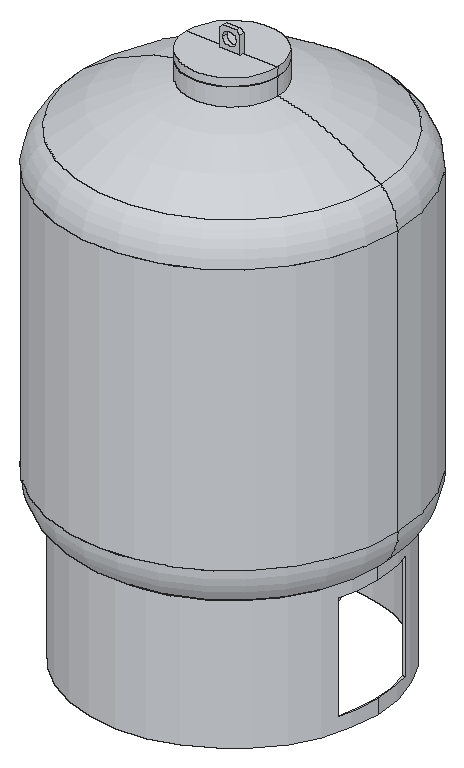
Revit family
Parameters (values of type "WX-456-C 125# W.P.")
  Weight = "1154 lbs"
  Tank Volume = "422 Gal"
  Tank Only = 63.125"
  Tank Height/Length = 78.875"
  Tank Diameter = "48"
  Pipe Connector Diameter = Pipe Connection Radius * 2  # 3.000"
  Pipe Connection Radius = 1.500"
  Model = "WX-456-C"
  Maximum Acceptance Volume = "274 Gal"
  Max Operating Temp = "240 Deg F"
  Max Operating Pressure = "125 PSI"
  Manufacturer = "Amtrol"
  Lifting Ring Location = Tank Only / 2  # 31.5625"
  Floor to Elbow Centerline = 7.125"
  Floor to Bottom of Tank = 12.500"
  Bladder/Diaphragm = "Bladder"
  ASME = yes
Types (9): name | Weight | Tank Volume | Tank Only | Tank Height/Length | Model | Maximum Acceptance Volume | Max Operating Pressure | Lifting Ring Location | Floor to Elbow Centerline
  (no name) | "1154 lbs" | "422 Gal" | 63.125" | 78.875" | "WX-456-C" | "274 Gal" | "125 PSI" | 31.5625" | 7.125"
  WX-456-C 150# W.P. 10 BAR | "1418 lbs" | "422 Gal" | 63.125" | 78.875" | "WX-456-C" | "274 Gal" | "150 PSI" | 31.5625" | 7.125"
  WX-457-C 150# W.P. 10 BAR | "1676 lbs" | "528 Gal" | 78.500" | 94.250" | "WX-457-C" | "343 Gal" | "150 PSI" | 39.250" | 7.125"
  WX-456-C 125# W.P. | "1154 lbs" | "422 Gal" | 63.125" | 78.875" | "WX-456-C" | "274 Gal" | "125 PSI" | 31.5625" | 7.125"
  WX-456-C 175# W.P. | "1655 lbs" | "422 Gal" | 63.125" | 78.875" | "WX-456-C" | "274 Gal" | "175 PSI" | 31.5625" | 7.125"
  WX-456-C 250# W.P. | "1660 lbs" | "422 Gal" | 64.625" | 78.875" | "WX-456-C" | "274 Gal" | "175 PSI" | 32.3125" | 6.875"
  WX-457-C 125# W.P. | "1331 lbs" | "528 Gal" | 78.500" | 94.250" | "WX-457-C" | "343 Gal" | "125 PSI" | 39.250" | 7.125"
  WX-457-C 175# W.P. | "2169 lbs" | "528 Gal" | 78.500" | 94.250" | "WX-457-C" | "343 Gal" | "175 PSI" | 39.250" | 7.125"
  WX-457-C 250# W.P. | "2231 lbs" | "528 Gal" | 78.500" | 92.750" | "WX-457-C" | "343 Gal" | "250 PSI" | 39.250" | 6.875"
Reference planes (in)
  plane 1 "Center (Front/Back)": y = 0
  plane 2: z = 0
  plane 3 "Center (Left/Right)": x = 0
Forms (in)
  Revolve 1, solid
    sketch origin (0, 0, 0) x (1, 0, 0) y (0, 0, 1)
      loop
        arc (21.44792, 65.05553) -> (11.32825, 70.37355) -> (0, 71.90974) r 32.91716
        line (0, 71.90974) -> (0, 8.78474)
        arc (0, 8.78474) -> (11.37188, 10.40671) -> (21.49399, 15.83746) r 32.917
        arc (21.49399, 15.83746) -> (23.3404, 18.13371) -> (23.99993, 21.00548) r 6.582
        line (23.99993, 21.00548) -> (23.99993, 60.04693)
        arc (23.99993, 60.04693) -> (23.28548, 62.83736) -> (21.44792, 65.05553) r 6.58224
      axis (0, 8.78474) -> (0, 71.90974)
    angle from 0 to 360
  Revolve 2, solid
    sketch origin (0, 0, 0) x (1, 0, 0) y (0, 0, 1)
      loop
        line (0, 75.15974) -> (0, 71.40764) -> (6.625, 71.40764) -> (6.625, 73.90974) -> (0.95512, 73.90974) -> (0.95512, 74.03474) -> (6.625, 74.03474) -> (6.625, 75.15974) -> (0, 75.15974)
      axis (0, 71.40764) -> (0, 75.15974)
    angle from 0 to 360
  Revolve 3, solid
    sketch origin (0, 0, 0) x (1, 0, 0) y (0, 0, 1)
      loop
        line (14.4359, 8.05952) -> (14.33884, 8.42174) -> (13.97054, 8.32305) -> (13.87349, 8.68528) -> (14.24179, 8.78396) -> (14.14473, 9.14618) -> (12.69584, 8.75796) -> (12.04879, 11.17277) -> (9.27176, 10.42867) -> (10.20997, 6.92718) -> (14.4359, 8.05952)
      axis (10.20997, 6.92718) -> (9.27176, 10.42867)
    angle from 0 to 360
  Revolve 4, solid
    sketch origin (0, 0, 0) x (1, 0, 0) y (0, 0, 1)
      loop
        line (11.87266, 5.82482) -> (11.87266, 8.01263) -> (10.20997, 8.01263) -> (10.20997, 5.82482) -> (11.87266, 5.82482)
      axis (10.20997, 5.82482) -> (10.20997, 8.01263)
    angle from 0 to 360
  Revolve 5, solid
    sketch origin (0, 0, 0) x (1, 0, 0) y (0, 0, 1)
      loop
        line (-21, -3.71526) -> (-20.814, -3.71526) -> (-20.814, 16.03474) -> (-21, 16.03474) -> (-21, -3.71526)
      axis (0, -3.71526) -> (0, 16.03474)
    angle from 0 to 360
  Extrusion 6, void
    sketch origin (0, 0, 0) x (0, 1, 0) y (0, 0, 1)
      loop
        line (6, -1.71526) -> (6, 13.74272) -> (-6, 13.74272) -> (-6, -1.71526) -> (6, -1.71526)
    from 18.98012 to 36.62147
  Sweep 7, solid
    path origin (0, 0, 0) x (1, 0, 0) y (0, 0, 1)
      loop
        line (10.20997, 6.82974) -> (10.20997, 6.22574)
        arc (10.20997, 6.22574) -> (11.03476, 4.23453) -> (13.02597, 3.40974) r 2.816
        line (13.02597, 3.40974) -> (13.65097, 3.40974)
    profile origin (10.20997, 0, 6.52774) x (0, -1, 0) y (1, 0, 0)
      loop
        circle (0, 0) r 2
  Extrusion 8, void
    sketch origin (0, 0, 0) x (0, 1, 0) y (0, 0, 1)
      loop
        line (3, 13.74272) -> (-3, 13.74272) -> (-3, 6.99272) -> (3, 6.99272) -> (3, 13.74272)
    from -18.87223 to -29.70163
  Extrusion 9, solid
    sketch origin (0, 0, 0) x (1, 0, 0) y (0, 0, 1)
      loop
        line (-1, 78.15974) -> (-1.5, 77.65974) -> (-1.5, 74.90974) -> (1.5, 74.90974) -> (1.5, 77.65974) -> (1, 78.15974) -> (-1, 78.15974)
      loop
        circle (0, 76.65429) r 1.00526
    from -0.17995 to 0.45715
  Extrusion 10, solid
    sketch origin (0, 0, 0) x (1, 0, 0) y (0, 0, 1)
      loop
        line (-23.9017, 41.81805) -> (-26.4017, 41.81805) -> (-26.9017, 41.31805) -> (-26.9017, 39.31805) -> (-26.4017, 38.81805) -> (-23.9017, 38.81805) -> (-23.9017, 41.81805)
      loop
        circle (-25.35115, 40.31805) r 1
    from -0.17995 to 0.45715
Cuts and joins
  Extrusion 6, Extrusion 8 cuts Revolve 1
  Extrusion 6, Extrusion 8 cuts Revolve 3
  Extrusion 6, Extrusion 8 cuts Revolve 5
  Extrusion 8 cuts Revolve 4
Lines and regions (in)
  reference lines
    curve 1: line (0, 0, 8.75555) -> (-1, 0, 8.75555)
Dimensions and locks (in)
  "Tank Only": Revolve 1 sketch curve to Revolve 1 sketch curve
  "Floor to Bottom of Tank": Revolve 1 sketch curve to level
  Revolve 1 sketch curve to Revolve 1 sketch curve = 26.33492"
  plane 3 "Center (Left/Right)" to Revolve 5 sketch curve = 21.000"
  "Floor to Elbow Centerline": Sweep 7 sketch curve to level
  Revolve 2 sketch curve to cut or joined group of Revolve 1, Extrusion 6, Extrusion 8 = 11.36071"
  Extrusion 9 sketch curve to Revolve 2 = 0.875"
  "Tank Height/Length": Revolve 2 sketch curve to level
  Extrusion 10 sketch curve to Extrusion 10 sketch curve = 0.500"  (x2)
  "Lifting Ring Location": Extrusion 10 sketch curve to curve 1
  radius of Revolve 1 sketch curve = 32.91716"
  radius of Revolve 1 sketch curve = 6.58224"
  radius of Revolve 1 sketch curve = 6.582"
  radius of Revolve 1 sketch curve = 32.917"
Automatic sketch dimensions
  Revolve 1 sketch curve to plane 3 "Center (Left/Right)" = 0.000"  (x2)
  plane 3 "Center (Left/Right)" to Revolve 1 sketch curve = 1.10933"
  plane 3 "Center (Left/Right)" to Revolve 1 sketch curve = 1.30799"
  Revolve 1 sketch curve to Revolve 1 sketch curve = 6.57927"
  Revolve 1 sketch curve to Revolve 1 sketch curve = 2.55201"
  Revolve 1 sketch curve to Revolve 1 sketch curve = 2.50593"
  Revolve 1 sketch curve to Revolve 1 sketch curve = 0.000"
  Revolve 1 sketch curve to Revolve 1 sketch curve = 11.04666"
  plane 3 "Center (Left/Right)" to Revolve 3 sketch curve = 9.08209"
  Revolve 3 sketch curve to Revolve 3 sketch curve = 0.18966"
  Revolve 3 sketch curve to Revolve 3 sketch curve = 0.000"  (x2)
  Revolve 3 sketch curve to Revolve 3 sketch curve = 2.77704"
  Revolve 3 sketch curve to Revolve 3 sketch curve = 0.64705"
  Revolve 3 sketch curve to Revolve 3 sketch curve = 1.17765"
  Revolve 3 sketch curve to Revolve 3 sketch curve = 0.09706"  (x3)
  Revolve 3 sketch curve to Revolve 3 sketch curve = 0.27124"
  level to Revolve 3 sketch curve = 11.77478"
  Revolve 3 sketch curve to Revolve 3 sketch curve = 0.70783"
  level to Revolve 3 sketch curve = 10.64244"
  Revolve 3 sketch curve to Revolve 3 sketch curve = 2.48587"
  plane 3 "Center (Left/Right)" to Revolve 4 sketch curve = 10.20997"
  Revolve 4 sketch curve to Revolve 4 sketch curve = 0.000"  (x2)
  Revolve 4 sketch curve to Revolve 4 sketch curve = 1.66268"
  level to Revolve 4 sketch curve = 9.54007"
  Revolve 4 sketch curve to Revolve 4 sketch curve = 2.18782"
  Revolve 4 sketch curve to Revolve 4 sketch curve = 1.56218"
  Revolve 5 sketch curve to level = 0.000"  (x2)
  Revolve 5 sketch curve to plane 3 "Center (Left/Right)" = 0.000"
  Revolve 5 sketch curve to Revolve 5 sketch curve = 0.186"
  level to Revolve 5 sketch curve = 19.750"
  Revolve 5 sketch curve to Revolve 5 sketch curve = 12.250"
  level to Extrusion 6 sketch curve = 2.000"
  plane 1 "Center (Front/Back)" to Extrusion 6 sketch curve = 6.000"
  Extrusion 6 sketch curve to plane 1 "Center (Front/Back)" = 6.000"
  Extrusion 6 sketch curve to Extrusion 6 sketch curve = 15.45798"
  plane 3 "Center (Left/Right)" to Sweep 7 sketch curve = 10.20997"
  Sweep 7 sketch curve to Sweep 7 sketch curve = 2.816"
  Sweep 7 sketch curve to Sweep 7 sketch curve = 0.625"
  Sweep 7 sketch curve to Sweep 7 sketch curve = 0.604"
  plane 1 "Center (Front/Back)" to Sweep 7 sketch curve = 0.000"
  Sweep 7 sketch curve to profile plane = 0.000"
  plane 1 "Center (Front/Back)" to Extrusion 8 sketch curve = 3.000"
  Extrusion 8 sketch curve to plane 1 "Center (Front/Back)" = 3.000"
  level to Extrusion 8 sketch curve = 10.70798"
  Extrusion 8 sketch curve to Extrusion 8 sketch curve = 6.750"
  Revolve 2 sketch curve to plane 3 "Center (Left/Right)" = 0.000"  (x2)
  plane 3 "Center (Left/Right)" to Revolve 2 sketch curve = 0.95512"
  Revolve 2 sketch curve to Revolve 2 sketch curve = 5.66988"
  Revolve 2 sketch curve to Revolve 2 sketch curve = 0.000"  (x2)
  Revolve 2 sketch curve to Revolve 2 sketch curve = 0.125"
  Revolve 2 sketch curve to Revolve 2 sketch curve = 1.125"
  Revolve 2 sketch curve to Revolve 2 sketch curve = 3.82248"
  Extrusion 9 sketch curve to plane 3 "Center (Left/Right)" = 0.000"
  Extrusion 9 sketch curve to plane 3 "Center (Left/Right)" = 1.000"
  Extrusion 9 sketch curve to plane 3 "Center (Left/Right)" = 1.500"
  plane 3 "Center (Left/Right)" to Extrusion 9 sketch curve = 1.000"
  Extrusion 9 sketch curve to Extrusion 9 sketch curve = 0.500"  (x2)
  Extrusion 9 sketch curve to Extrusion 9 sketch curve = 1.74455"
  Extrusion 9 sketch curve to Extrusion 9 sketch curve = 1.00545"  (x2)
  Extrusion 10 sketch curve to plane 3 "Center (Left/Right)" = 26.9017"
  Extrusion 10 sketch curve to Extrusion 10 sketch curve = 0.500"  (x4)
  Extrusion 10 sketch curve to Extrusion 10 sketch curve = 1.05055"
  Extrusion 10 sketch curve to Extrusion 10 sketch curve = 1.44945"
  Extrusion 10 sketch curve to Extrusion 10 sketch curve = 1.000"
  curve 1 to plane 3 "Center (Left/Right)" = 0.000"
  curve 1 to curve 1 = 1.000"
  plane 2 to curve 1 = 8.75555"
  radius of Sweep 7 sketch curve = 2.000"
  radius of Extrusion 9 sketch curve = 1.00526"
Connectors (in)
  piping at (13.65097, 0, 3.40974), driven by "Pipe Connection Radius"
    settings: on Sweep 7, index 1
